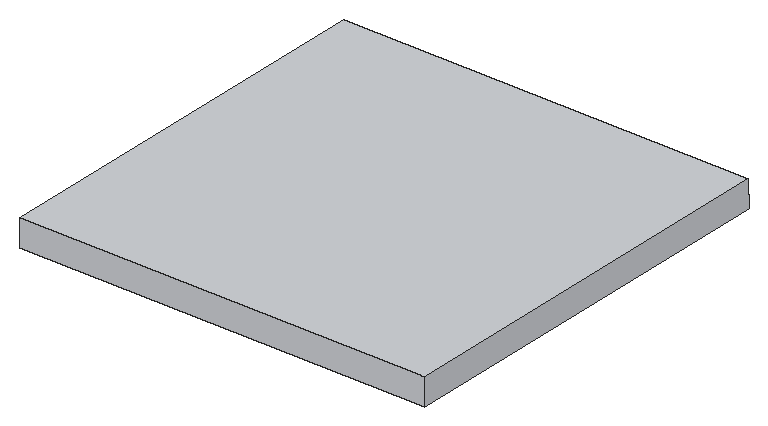
Revit family "1713_ TUPEX ELECTRIC_UQ", category Lighting Fixtures, host Face, Revit 2016
Family settings
  Host = Face
  Part Type = Normal
  Round Connector Dimension = Use Diameter
  Cut with Voids When Loaded = No
  Light Source = Yes
  Shared = No
  Room Calculation Point = Yes
Parameters
  width = 600 mm
  volt = 220 V
  length = 600 mm
  depth = 20 mm
  Wattage = 33 W
  built-in parameter 1150110 = 1 (stored number, unit not read)
  built-in parameter 1114217 = 1 (stored number, unit not read)
  Tilt Angle = 60.00°
  built-in parameter 1150109 = 1 (stored number, unit not read)
  built-in parameter 1150134 = 3
  built-in parameter 1150113 = 1 (stored number, unit not read)
  Photometric Web File = "1713.IES"
  built-in parameter 1150105 = 317.75 (stored number, unit not read)
  Lumens = 3993 lm
  built-in parameter 1150115 = 1 (stored number, unit not read)
  built-in parameter 1150137 = (empty or 0)
  built-in parameter 1150139 = (empty or 0)
  built-in parameter 1150112 = 1 (stored number, unit not read)
  built-in parameter 1150114 = 1 (stored number, unit not read)
  built-in parameter 1150132 = (empty or 0)
  built-in parameter 1150102 = (empty or 0)
  built-in parameter 1150107 = 3200 (stored number, unit not read)
  built-in parameter 1150138 = (empty or 0)
  built-in parameter 1150106 = 3.1775 (stored number, unit not read)
  built-in parameter 1150104 = 11.241 (stored number, unit not read)
  Dimming Lamp Color Temperature Shift = (empty or 0)
  Default Elevation = 1219.2 mm
  Color Filter = 16777215
  built-in parameter 1114218 = 1 (stored number, unit not read)
  built-in parameter 1150133 = 10 (stored number, unit not read)
Reference planes
  plane 1 "Center (Front/Back)": y = 0
  plane 2: z = 0
  plane 3 "Center (Left/Right)": x = 0
  plane 4: x = 600
  plane 5: y = -600
  plane 6: z = 20
  plane 7: z = -20
  plane 8: y = -300
  plane 9: x = 300
Forms (mm)
  Extrusion 1, solid
    sketch origin (0, 0, 0) x (1, 0, 0) y (0, 0, 1)
      loop
        line (600, 20) -> (0, 20) -> (0, -20) -> (600, -20) -> (600, 20)
    from 0 to 600
Dimensions and locks
  "width": plane 3 "Center (Left/Right)" to plane 4
  "length": plane 5 to plane 1 "Center (Front/Back)"
  "depth": level to plane 6
  plane 7 to level = 20 mm
  aligned and locked: plane 2 to host face
  aligned and locked: level to host face
Automatic sketch dimensions
  host sketch curve to host sketch curve = 2438.4 mm  (x2)
  Extrusion 1 sketch curve to plane 6 = 0 mm
  Extrusion 1 sketch curve to plane 7 = 0 mm
  Extrusion 1 sketch curve to plane 3 "Center (Left/Right)" = 0 mm
  Extrusion 1 sketch curve to plane 4 = 0 mm
Connectors
  electrical at (300, -300, 20), driven by "volt"
    settings: on Extrusion 1, index 1, voltage 220 V, apparent load 0 VA, apparent load phase1 36 VA, apparent load phase2 0 VA, apparent load phase3 0 VA, power factor 1, load classification "Lighting", number of poles 1, system type 31, power factor state 1, is connector primary yes, connector utility no, sub classification motor no, connector description ""
